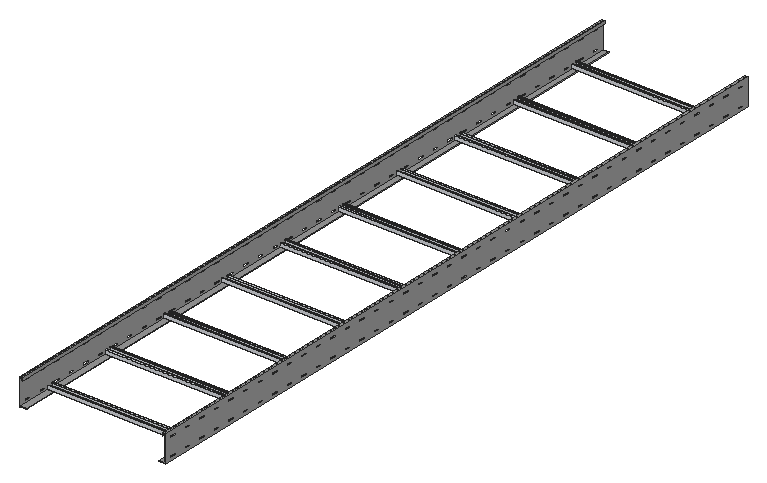
Revit family "Kabelleiter SLCS 1160 3 FTSO", category Generic Models, Revit 2017
Family settings
  Can host rebar = No
  Round Connector Dimension = Use Diameter
  Part Type = Normal
  Work Plane-Based = No
  Always vertical = Yes
  Cut with Voids When Loaded = No
  Shared = No
  Room Calculation Point = No
Parameters (values of type "SLCS 1160 3 FTSO")
  Width = 600 mm
  URL = "http://www.obo-bettermann.com"
  Material = Hot dip galvanised
  Manufacturer Art.No. = "7186408"
  Manufacturer = "OBO BETTERMANN"
  GTIN = "4012196696932"
  Cut's number 3 = 39
  Cut's number 2 = 10
  Cut's number = 2
  Article Type = "SLCS 1160 3 FTSO"
Reference planes
  plane 1 "Center (Front/Back)": y = 0
  plane 2: z = 0
  plane 3 "Center (Left/Right)": x = 0
  plane 4: x = 600
  plane 5: x = 600
  plane 6: z = 110
  plane 7: x = 600
  plane 8: y = 3000
  plane 9: y = 150
  plane 10: y = 135
  plane 11: y = 165
  plane 12: z = 6
  plane 13: y = 143.8
  plane 14: y = 156.2
  plane 15: x = 4
  plane 16: x = 596
  plane 17: y = 149.525
  plane 18: y = 144.125
  plane 19: y = 154.925
  plane 20: y = 138.525
  plane 21: y = 160.957
  plane 22: x = 15
  plane 23: x = 20.4
  plane 24: x = 9.6
  plane 25: x = 585
  plane 26: x = 579.6
  plane 27: x = 590.4
  plane 28: z = 14
  plane 29: y = 37.5
  plane 30: z = 89
  plane 31: y = 37.5
  plane 32: z = 14
  plane 33: y = 112.5
  plane 34: z = 89
  plane 35: y = 112.5
  plane 36: z = 14
  plane 37: y = 187.5
  plane 38: z = 89
  plane 39: y = 187.5
  plane 40: z = 14
  plane 41: y = 262.5
  plane 42: z = 89
  plane 43: y = 262.5
  plane 44: z = 14
  plane 45: y = 337.5
  plane 46: z = 89
  plane 47: y = 337.5
  plane 48: z = 14
  plane 49: y = 412.5
  plane 50: z = 89
  plane 51: y = 412.5
  plane 52: z = 14
  plane 53: y = 487.5
  plane 54: z = 89
  plane 55: y = 487.5
  plane 56: z = 14
  plane 57: y = 562.5
  plane 58: z = 89
  plane 59: y = 562.5
  plane 60: z = 14
  plane 61: y = 637.5
  plane 62: z = 89
  plane 63: y = 637.5
  plane 64: z = 14
  plane 65: y = 712.5
  plane 66: z = 89
  plane 67: y = 712.5
  plane 68: z = 14
  plane 69: y = 787.5
  plane 70: z = 89
  plane 71: y = 787.5
  plane 72: z = 14
  plane 73: y = 862.5
  plane 74: z = 89
  plane 75: y = 862.5
  plane 76: z = 14
  plane 77: y = 937.5
  plane 78: z = 89
  plane 79: y = 937.5
  plane 80: z = 14
  plane 81: y = 1012.5
  plane 82: z = 89
  plane 83: y = 1012.5
  plane 84: z = 14
  plane 85: y = 1087.5
  plane 86: z = 89
  plane 87: y = 1087.5
  plane 88: z = 14
  plane 89: y = 1162.5
  plane 90: z = 89
  plane 91: y = 1162.5
  plane 92: z = 14
  plane 93: y = 1237.5
  plane 94: z = 89
  plane 95: y = 1237.5
  plane 96: z = 14
  plane 97: y = 1312.5
  plane 98: z = 89
  plane 99: y = 1312.5
  plane 100: z = 14
  plane 101: y = 1387.5
  plane 102: z = 89
  plane 103: y = 1387.5
  plane 104: z = 14
  plane 105: y = 1462.5
  plane 106: z = 89
  plane 107: y = 1462.5
  plane 108: z = 14
  plane 109: y = 1537.5
  plane 110: z = 89
  plane 111: y = 1537.5
  plane 112: z = 14
  plane 113: y = 1612.5
  plane 114: z = 89
  plane 115: y = 1612.5
  plane 116: z = 14
  plane 117: y = 1687.5
  plane 118: z = 89
  plane 119: y = 1687.5
  plane 120: z = 14
  plane 121: y = 1762.5
  plane 122: z = 89
  plane 123: y = 1762.5
  plane 124: z = 14
  plane 125: y = 1837.5
  plane 126: z = 89
  plane 127: y = 1837.5
  plane 128: z = 14
  plane 129: y = 1912.5
  plane 130: z = 89
  plane 131: y = 1912.5
  plane 132: z = 14
  plane 133: y = 1987.5
  plane 134: z = 89
  plane 135: y = 1987.5
  plane 136: z = 14
  plane 137: y = 2062.5
  plane 138: z = 89
  plane 139: y = 2062.5
  plane 140: z = 14
  plane 141: y = 2137.5
  plane 142: z = 89
  plane 143: y = 2137.5
  plane 144: z = 14
  plane 145: y = 2212.5
  plane 146: z = 89
  plane 147: y = 2212.5
  plane 148: z = 14
  plane 149: y = 2287.5
  plane 150: z = 89
  plane 151: y = 2287.5
  plane 152: z = 14
  plane 153: y = 2362.5
  plane 154: z = 89
  plane 155: y = 2362.5
  plane 156: z = 14
  plane 157: y = 2437.5
  plane 158: z = 89
  plane 159: y = 2437.5
  plane 160: z = 14
  plane 161: y = 2512.5
  plane 162: z = 89
  plane 163: y = 2512.5
  plane 164: z = 14
  plane 165: y = 2587.5
  plane 166: z = 89
  plane 167: y = 2587.5
  plane 168: z = 14
  plane 169: y = 2662.5
  plane 170: z = 89
  plane 171: y = 2662.5
  plane 172: z = 14
  plane 173: y = 2737.5
  plane 174: z = 89
  plane 175: y = 2737.5
  plane 176: z = 14
  plane 177: y = 2812.5
  plane 178: z = 89
  plane 179: y = 2812.5
  plane 180: z = 14
  plane 181: y = 2887.5
  plane 182: z = 89
  plane 183: y = 2887.5
  plane 184: z = 14
  plane 185: y = 2962.5
  plane 186: z = 89
  plane 187: y = 2962.5
  plane 188: z = 14
  plane 189: y = 37.5
  plane 190: z = 89
  plane 191: y = 37.5
  plane 192: z = 14
  plane 193: y = 112.5
  plane 194: z = 89
  plane 195: y = 112.5
  plane 196: z = 14
  plane 197: y = 187.5
  plane 198: z = 89
  plane 199: y = 187.5
  plane 200: z = 14
  plane 201: y = 262.5
  plane 202: z = 89
  plane 203: y = 262.5
  plane 204: z = 14
  plane 205: y = 337.5
  plane 206: z = 89
  plane 207: y = 337.5
  plane 208: z = 14
  plane 209: y = 412.5
  plane 210: z = 89
  plane 211: y = 412.5
  plane 212: z = 14
  plane 213: y = 487.5
  plane 214: z = 89
  plane 215: y = 487.5
  plane 216: z = 14
  plane 217: y = 562.5
  plane 218: z = 89
  plane 219: y = 562.5
  plane 220: z = 14
  plane 221: y = 637.5
  plane 222: z = 89
  plane 223: y = 637.5
  plane 224: z = 14
  plane 225: y = 712.5
  plane 226: z = 89
  plane 227: y = 712.5
  plane 228: z = 14
  plane 229: y = 787.5
  plane 230: z = 89
  plane 231: y = 787.5
  plane 232: z = 14
  plane 233: y = 862.5
  plane 234: z = 89
  plane 235: y = 862.5
  plane 236: z = 14
  plane 237: y = 937.5
  plane 238: z = 89
  plane 239: y = 937.5
  plane 240: z = 14
  plane 241: y = 1012.5
  plane 242: z = 89
  plane 243: y = 1012.5
  plane 244: z = 14
  plane 245: y = 1087.5
  plane 246: z = 89
  plane 247: y = 1087.5
  plane 248: z = 14
  plane 249: y = 1162.5
  plane 250: z = 89
  plane 251: y = 1162.5
  plane 252: z = 14
  plane 253: y = 1237.5
  plane 254: z = 89
  plane 255: y = 1237.5
  plane 256: z = 14
  plane 257: y = 1312.5
  plane 258: z = 89
  plane 259: y = 1312.5
  plane 260: z = 14
  plane 261: y = 1387.5
  plane 262: z = 89
  plane 263: y = 1387.5
  plane 264: z = 14
  plane 265: y = 1462.5
  plane 266: z = 89
  plane 267: y = 1462.5
  plane 268: z = 14
  plane 269: y = 1537.5
  plane 270: z = 89
  plane 271: y = 1537.5
  plane 272: z = 14
  plane 273: y = 1612.5
  plane 274: z = 89
  plane 275: y = 1612.5
  plane 276: z = 14
  plane 277: y = 1687.5
  plane 278: z = 89
  plane 279: y = 1687.5
  plane 280: z = 14
  plane 281: y = 1762.5
  plane 282: z = 89
  plane 283: y = 1762.5
  plane 284: z = 14
  plane 285: y = 1837.5
  plane 286: z = 89
  plane 287: y = 1837.5
  plane 288: z = 14
  plane 289: y = 1912.5
  plane 290: z = 89
  plane 291: y = 1912.5
  plane 292: z = 14
  plane 293: y = 1987.5
  plane 294: z = 89
  plane 295: y = 1987.5
  plane 296: z = 14
  plane 297: y = 2062.5
  plane 298: z = 89
  plane 299: y = 2062.5
  plane 300: z = 14
  plane 301: y = 2137.5
  plane 302: z = 89
  plane 303: y = 2137.5
  plane 304: z = 14
  plane 305: y = 2212.5
  plane 306: z = 89
  plane 307: y = 2212.5
  plane 308: z = 14
  plane 309: y = 2287.5
  plane 310: z = 89
  plane 311: y = 2287.5
  plane 312: z = 14
  plane 313: y = 2362.5
  plane 314: z = 89
  plane 315: y = 2362.5
  plane 316: z = 14
  plane 317: y = 2437.5
  plane 318: z = 89
  plane 319: y = 2437.5
  plane 320: z = 14
  plane 321: y = 2512.5
  plane 322: z = 89
  plane 323: y = 2512.5
  plane 324: z = 14
  plane 325: y = 2587.5
  plane 326: z = 89
  plane 327: y = 2587.5
  plane 328: z = 14
  plane 329: y = 2662.5
  plane 330: z = 89
  plane 331: y = 2662.5
  plane 332: z = 14
  plane 333: y = 2737.5
  plane 334: z = 89
  plane 335: y = 2737.5
  plane 336: z = 14
  plane 337: y = 2812.5
  plane 338: z = 89
  plane 339: y = 2812.5
  plane 340: z = 14
  plane 341: y = 2887.5
  plane 342: z = 89
  plane 343: y = 2887.5
  plane 344: z = 14
  plane 345: y = 2962.5
  plane 346: z = 89
  plane 347: y = 2962.5
  plane 348: y = 450
  plane 349: y = 435
  plane 350: y = 465
  plane 351: z = 6
  plane 352: y = 443.8
  plane 353: y = 456.2
  plane 354: y = 750
  plane 355: y = 735
  plane 356: y = 765
  plane 357: z = 6
  plane 358: y = 743.8
  plane 359: y = 756.2
  plane 360: y = 1050
  plane 361: y = 1035
  plane 362: y = 1065
  plane 363: z = 6
  plane 364: y = 1043.8
  plane 365: y = 1056.2
  plane 366: y = 1350
  plane 367: y = 1335
  plane 368: y = 1365
  plane 369: z = 6
  plane 370: y = 1343.8
  plane 371: y = 1356.2
  plane 372: y = 1650
  plane 373: y = 1635
  plane 374: y = 1665
  plane 375: z = 6
  plane 376: y = 1643.8
  plane 377: y = 1656.2
  plane 378: y = 1950
  plane 379: y = 1935
  plane 380: y = 1965
  plane 381: z = 6
  plane 382: y = 1943.8
  plane 383: y = 1956.2
  plane 384: y = 2250
  plane 385: y = 2235
  plane 386: y = 2265
  plane 387: z = 6
  plane 388: y = 2243.8
  plane 389: y = 2256.2
  plane 390: y = 2550
  plane 391: y = 2535
  plane 392: y = 2565
  plane 393: z = 6
  plane 394: y = 2543.8
  plane 395: y = 2556.2
  plane 396: y = 2850
  plane 397: y = 2835
  plane 398: y = 2865
  plane 399: z = 6
  plane 400: y = 2843.8
  plane 401: y = 2856.2
Forms (mm)
  Extrusion 1, solid, material "Hot dip galvanised" <- "Material"
    sketch origin (0, 0, 0) x (1, 0, 0) y (0, 0, 1)
      loop
        line (0, 110) -> (0, 0) -> (27, 0) -> (27, 2) -> (2, 2) -> (2, 108) -> (10.041, 108) -> (10.041, 101) -> (12, 101) -> (12, 110) -> (0, 110)
      loop
        line (600, 110) -> (588, 110) -> (588, 101) -> (589.963, 101) -> (589.963, 108) -> (598, 108) -> (598, 2) -> (573, 2) -> (573, 0) -> (600, 0) -> (600, 110)
    from 0 to -3000
  Extrusion 2, solid
    sketch origin (0, 0, 0) x (0, 1, 0) y (0, 0, 1)
      loop
        line (135, 6) -> (165, 6) -> (165, 17) -> (165, 21) -> (158.5, 21) -> (158.5, 19) -> (163, 19) -> (163, 8) -> (137, 8) -> (137, 19) -> (141.5, 19) -> (141.5, 21) -> (135, 21) -> (135, 6)
    from 4 to 596
  Extrusion 3, solid
    sketch origin (0, 0, 0) x (0, 1, 0) y (0, 0, 1)
      loop
        line (138.525, 6) -> (144.125, 2) -> (154.925, 2) -> (160.957, 6) -> (157.338, 6) -> (154.322, 4) -> (144.766, 4) -> (141.966, 6) -> (138.525, 6)
    from 9.6 to 20.4
  Extrusion 4, solid
    sketch origin (0, 0, 0) x (0, 1, 0) y (0, 0, 1)
      loop
        line (160.957, 6) -> (157.338, 6) -> (154.322, 4) -> (144.766, 4) -> (141.966, 6) -> (138.525, 6) -> (144.125, 2) -> (154.925, 2) -> (160.957, 6)
    from 579.6 to 590.4
  Extrusion 5, void
    sketch origin (0, 0, 0) x (0, 1, 0) y (0, 0, 1)
      loop
        line (23.5, 18.5) -> (23.5, 9.5) -> (51.5, 9.5) -> (51.5, 18.5) -> (23.5, 18.5)
    from 0 to 2
  Extrusion 6, void
    sketch origin (0, 0, 75) x (0, 1, 0) y (0, 0, 1)
      loop
        line (23.5, 18.5) -> (23.5, 9.5) -> (51.5, 9.5) -> (51.5, 18.5) -> (23.5, 18.5)
    from 0 to 2
  Extrusion 7, void
    sketch origin (0, 75, 0) x (0, 1, 0) y (0, 0, 1)
      loop
        line (23.5, 18.5) -> (23.5, 9.5) -> (51.5, 9.5) -> (51.5, 18.5) -> (23.5, 18.5)
    from 0 to 2
  Extrusion 8, void
    sketch origin (0, 75, 75) x (0, 1, 0) y (0, 0, 1)
      loop
        line (23.5, 18.5) -> (23.5, 9.5) -> (51.5, 9.5) -> (51.5, 18.5) -> (23.5, 18.5)
    from 0 to 2
  Extrusion 9, void
    sketch origin (0, 150, 0) x (0, 1, 0) y (0, 0, 1)
      loop
        line (23.5, 18.5) -> (23.5, 9.5) -> (51.5, 9.5) -> (51.5, 18.5) -> (23.5, 18.5)
    from 0 to 2
  Extrusion 10, void
    sketch origin (0, 150, 75) x (0, 1, 0) y (0, 0, 1)
      loop
        line (23.5, 18.5) -> (23.5, 9.5) -> (51.5, 9.5) -> (51.5, 18.5) -> (23.5, 18.5)
    from 0 to 2
  Extrusion 11, void
    sketch origin (0, 225, 0) x (0, 1, 0) y (0, 0, 1)
      loop
        line (23.5, 18.5) -> (23.5, 9.5) -> (51.5, 9.5) -> (51.5, 18.5) -> (23.5, 18.5)
    from 0 to 2
  Extrusion 12, void
    sketch origin (0, 225, 75) x (0, 1, 0) y (0, 0, 1)
      loop
        line (23.5, 18.5) -> (23.5, 9.5) -> (51.5, 9.5) -> (51.5, 18.5) -> (23.5, 18.5)
    from 0 to 2
  Extrusion 13, void
    sketch origin (0, 300, 0) x (0, 1, 0) y (0, 0, 1)
      loop
        line (23.5, 18.5) -> (23.5, 9.5) -> (51.5, 9.5) -> (51.5, 18.5) -> (23.5, 18.5)
    from 0 to 2
  Extrusion 14, void
    sketch origin (0, 300, 75) x (0, 1, 0) y (0, 0, 1)
      loop
        line (23.5, 18.5) -> (23.5, 9.5) -> (51.5, 9.5) -> (51.5, 18.5) -> (23.5, 18.5)
    from 0 to 2
  Extrusion 15, void
    sketch origin (0, 375, 0) x (0, 1, 0) y (0, 0, 1)
      loop
        line (23.5, 18.5) -> (23.5, 9.5) -> (51.5, 9.5) -> (51.5, 18.5) -> (23.5, 18.5)
    from 0 to 2
  Extrusion 16, void
    sketch origin (0, 375, 75) x (0, 1, 0) y (0, 0, 1)
      loop
        line (23.5, 18.5) -> (23.5, 9.5) -> (51.5, 9.5) -> (51.5, 18.5) -> (23.5, 18.5)
    from 0 to 2
  Extrusion 17, void
    sketch origin (0, 450, 0) x (0, 1, 0) y (0, 0, 1)
      loop
        line (23.5, 18.5) -> (23.5, 9.5) -> (51.5, 9.5) -> (51.5, 18.5) -> (23.5, 18.5)
    from 0 to 2
  Extrusion 18, void
    sketch origin (0, 450, 75) x (0, 1, 0) y (0, 0, 1)
      loop
        line (23.5, 18.5) -> (23.5, 9.5) -> (51.5, 9.5) -> (51.5, 18.5) -> (23.5, 18.5)
    from 0 to 2
  Extrusion 19, void
    sketch origin (0, 525, 0) x (0, 1, 0) y (0, 0, 1)
      loop
        line (23.5, 18.5) -> (23.5, 9.5) -> (51.5, 9.5) -> (51.5, 18.5) -> (23.5, 18.5)
    from 0 to 2
  Extrusion 20, void
    sketch origin (0, 525, 75) x (0, 1, 0) y (0, 0, 1)
      loop
        line (23.5, 18.5) -> (23.5, 9.5) -> (51.5, 9.5) -> (51.5, 18.5) -> (23.5, 18.5)
    from 0 to 2
  Extrusion 21, void
    sketch origin (0, 600, 0) x (0, 1, 0) y (0, 0, 1)
      loop
        line (23.5, 18.5) -> (23.5, 9.5) -> (51.5, 9.5) -> (51.5, 18.5) -> (23.5, 18.5)
    from 0 to 2
  Extrusion 22, void
    sketch origin (0, 600, 75) x (0, 1, 0) y (0, 0, 1)
      loop
        line (23.5, 18.5) -> (23.5, 9.5) -> (51.5, 9.5) -> (51.5, 18.5) -> (23.5, 18.5)
    from 0 to 2
  Extrusion 23, void
    sketch origin (0, 675, 0) x (0, 1, 0) y (0, 0, 1)
      loop
        line (23.5, 18.5) -> (23.5, 9.5) -> (51.5, 9.5) -> (51.5, 18.5) -> (23.5, 18.5)
    from 0 to 2
  Extrusion 24, void
    sketch origin (0, 675, 75) x (0, 1, 0) y (0, 0, 1)
      loop
        line (23.5, 18.5) -> (23.5, 9.5) -> (51.5, 9.5) -> (51.5, 18.5) -> (23.5, 18.5)
    from 0 to 2
  Extrusion 25, void
    sketch origin (0, 750, 0) x (0, 1, 0) y (0, 0, 1)
      loop
        line (23.5, 18.5) -> (23.5, 9.5) -> (51.5, 9.5) -> (51.5, 18.5) -> (23.5, 18.5)
    from 0 to 2
  Extrusion 26, void
    sketch origin (0, 750, 75) x (0, 1, 0) y (0, 0, 1)
      loop
        line (23.5, 18.5) -> (23.5, 9.5) -> (51.5, 9.5) -> (51.5, 18.5) -> (23.5, 18.5)
    from 0 to 2
  Extrusion 27, void
    sketch origin (0, 825, 0) x (0, 1, 0) y (0, 0, 1)
      loop
        line (23.5, 18.5) -> (23.5, 9.5) -> (51.5, 9.5) -> (51.5, 18.5) -> (23.5, 18.5)
    from 0 to 2
  Extrusion 28, void
    sketch origin (0, 825, 75) x (0, 1, 0) y (0, 0, 1)
      loop
        line (23.5, 18.5) -> (23.5, 9.5) -> (51.5, 9.5) -> (51.5, 18.5) -> (23.5, 18.5)
    from 0 to 2
  Extrusion 29, void
    sketch origin (0, 900, 0) x (0, 1, 0) y (0, 0, 1)
      loop
        line (23.5, 18.5) -> (23.5, 9.5) -> (51.5, 9.5) -> (51.5, 18.5) -> (23.5, 18.5)
    from 0 to 2
  Extrusion 30, void
    sketch origin (0, 900, 75) x (0, 1, 0) y (0, 0, 1)
      loop
        line (23.5, 18.5) -> (23.5, 9.5) -> (51.5, 9.5) -> (51.5, 18.5) -> (23.5, 18.5)
    from 0 to 2
  Extrusion 31, void
    sketch origin (0, 975, 0) x (0, 1, 0) y (0, 0, 1)
      loop
        line (23.5, 18.5) -> (23.5, 9.5) -> (51.5, 9.5) -> (51.5, 18.5) -> (23.5, 18.5)
    from 0 to 2
  Extrusion 32, void
    sketch origin (0, 975, 75) x (0, 1, 0) y (0, 0, 1)
      loop
        line (23.5, 18.5) -> (23.5, 9.5) -> (51.5, 9.5) -> (51.5, 18.5) -> (23.5, 18.5)
    from 0 to 2
  Extrusion 33, void
    sketch origin (0, 1050, 0) x (0, 1, 0) y (0, 0, 1)
      loop
        line (23.5, 18.5) -> (23.5, 9.5) -> (51.5, 9.5) -> (51.5, 18.5) -> (23.5, 18.5)
    from 0 to 2
  Extrusion 34, void
    sketch origin (0, 1050, 75) x (0, 1, 0) y (0, 0, 1)
      loop
        line (23.5, 18.5) -> (23.5, 9.5) -> (51.5, 9.5) -> (51.5, 18.5) -> (23.5, 18.5)
    from 0 to 2
  Extrusion 35, void
    sketch origin (0, 1125, 0) x (0, 1, 0) y (0, 0, 1)
      loop
        line (23.5, 18.5) -> (23.5, 9.5) -> (51.5, 9.5) -> (51.5, 18.5) -> (23.5, 18.5)
    from 0 to 2
  Extrusion 36, void
    sketch origin (0, 1125, 75) x (0, 1, 0) y (0, 0, 1)
      loop
        line (23.5, 18.5) -> (23.5, 9.5) -> (51.5, 9.5) -> (51.5, 18.5) -> (23.5, 18.5)
    from 0 to 2
  Extrusion 37, void
    sketch origin (0, 1200, 0) x (0, 1, 0) y (0, 0, 1)
      loop
        line (23.5, 18.5) -> (23.5, 9.5) -> (51.5, 9.5) -> (51.5, 18.5) -> (23.5, 18.5)
    from 0 to 2
  Extrusion 38, void
    sketch origin (0, 1200, 75) x (0, 1, 0) y (0, 0, 1)
      loop
        line (23.5, 18.5) -> (23.5, 9.5) -> (51.5, 9.5) -> (51.5, 18.5) -> (23.5, 18.5)
    from 0 to 2
  Extrusion 39, void
    sketch origin (0, 1275, 0) x (0, 1, 0) y (0, 0, 1)
      loop
        line (23.5, 18.5) -> (23.5, 9.5) -> (51.5, 9.5) -> (51.5, 18.5) -> (23.5, 18.5)
    from 0 to 2
  Extrusion 40, void
    sketch origin (0, 1275, 75) x (0, 1, 0) y (0, 0, 1)
      loop
        line (23.5, 18.5) -> (23.5, 9.5) -> (51.5, 9.5) -> (51.5, 18.5) -> (23.5, 18.5)
    from 0 to 2
  Extrusion 41, void
    sketch origin (0, 1350, 0) x (0, 1, 0) y (0, 0, 1)
      loop
        line (23.5, 18.5) -> (23.5, 9.5) -> (51.5, 9.5) -> (51.5, 18.5) -> (23.5, 18.5)
    from 0 to 2
  Extrusion 42, void
    sketch origin (0, 1350, 75) x (0, 1, 0) y (0, 0, 1)
      loop
        line (23.5, 18.5) -> (23.5, 9.5) -> (51.5, 9.5) -> (51.5, 18.5) -> (23.5, 18.5)
    from 0 to 2
  Extrusion 43, void
    sketch origin (0, 1425, 0) x (0, 1, 0) y (0, 0, 1)
      loop
        line (23.5, 18.5) -> (23.5, 9.5) -> (51.5, 9.5) -> (51.5, 18.5) -> (23.5, 18.5)
    from 0 to 2
  Extrusion 44, void
    sketch origin (0, 1425, 75) x (0, 1, 0) y (0, 0, 1)
      loop
        line (23.5, 18.5) -> (23.5, 9.5) -> (51.5, 9.5) -> (51.5, 18.5) -> (23.5, 18.5)
    from 0 to 2
  Extrusion 45, void
    sketch origin (0, 1500, 0) x (0, 1, 0) y (0, 0, 1)
      loop
        line (23.5, 18.5) -> (23.5, 9.5) -> (51.5, 9.5) -> (51.5, 18.5) -> (23.5, 18.5)
    from 0 to 2
  Extrusion 46, void
    sketch origin (0, 1500, 75) x (0, 1, 0) y (0, 0, 1)
      loop
        line (23.5, 18.5) -> (23.5, 9.5) -> (51.5, 9.5) -> (51.5, 18.5) -> (23.5, 18.5)
    from 0 to 2
  Extrusion 47, void
    sketch origin (0, 1575, 0) x (0, 1, 0) y (0, 0, 1)
      loop
        line (23.5, 18.5) -> (23.5, 9.5) -> (51.5, 9.5) -> (51.5, 18.5) -> (23.5, 18.5)
    from 0 to 2
  Extrusion 48, void
    sketch origin (0, 1575, 75) x (0, 1, 0) y (0, 0, 1)
      loop
        line (23.5, 18.5) -> (23.5, 9.5) -> (51.5, 9.5) -> (51.5, 18.5) -> (23.5, 18.5)
    from 0 to 2
  Extrusion 49, void
    sketch origin (0, 1650, 0) x (0, 1, 0) y (0, 0, 1)
      loop
        line (23.5, 18.5) -> (23.5, 9.5) -> (51.5, 9.5) -> (51.5, 18.5) -> (23.5, 18.5)
    from 0 to 2
  Extrusion 50, void
    sketch origin (0, 1650, 75) x (0, 1, 0) y (0, 0, 1)
      loop
        line (23.5, 18.5) -> (23.5, 9.5) -> (51.5, 9.5) -> (51.5, 18.5) -> (23.5, 18.5)
    from 0 to 2
  Extrusion 51, void
    sketch origin (0, 1725, 0) x (0, 1, 0) y (0, 0, 1)
      loop
        line (23.5, 18.5) -> (23.5, 9.5) -> (51.5, 9.5) -> (51.5, 18.5) -> (23.5, 18.5)
    from 0 to 2
  Extrusion 52, void
    sketch origin (0, 1725, 75) x (0, 1, 0) y (0, 0, 1)
      loop
        line (23.5, 18.5) -> (23.5, 9.5) -> (51.5, 9.5) -> (51.5, 18.5) -> (23.5, 18.5)
    from 0 to 2
  Extrusion 53, void
    sketch origin (0, 1800, 0) x (0, 1, 0) y (0, 0, 1)
      loop
        line (23.5, 18.5) -> (23.5, 9.5) -> (51.5, 9.5) -> (51.5, 18.5) -> (23.5, 18.5)
    from 0 to 2
  Extrusion 54, void
    sketch origin (0, 1800, 75) x (0, 1, 0) y (0, 0, 1)
      loop
        line (23.5, 18.5) -> (23.5, 9.5) -> (51.5, 9.5) -> (51.5, 18.5) -> (23.5, 18.5)
    from 0 to 2
  Extrusion 55, void
    sketch origin (0, 1875, 0) x (0, 1, 0) y (0, 0, 1)
      loop
        line (23.5, 18.5) -> (23.5, 9.5) -> (51.5, 9.5) -> (51.5, 18.5) -> (23.5, 18.5)
    from 0 to 2
  Extrusion 56, void
    sketch origin (0, 1875, 75) x (0, 1, 0) y (0, 0, 1)
      loop
        line (23.5, 18.5) -> (23.5, 9.5) -> (51.5, 9.5) -> (51.5, 18.5) -> (23.5, 18.5)
    from 0 to 2
  Extrusion 57, void
    sketch origin (0, 1950, 0) x (0, 1, 0) y (0, 0, 1)
      loop
        line (23.5, 18.5) -> (23.5, 9.5) -> (51.5, 9.5) -> (51.5, 18.5) -> (23.5, 18.5)
    from 0 to 2
  Extrusion 58, void
    sketch origin (0, 1950, 75) x (0, 1, 0) y (0, 0, 1)
      loop
        line (23.5, 18.5) -> (23.5, 9.5) -> (51.5, 9.5) -> (51.5, 18.5) -> (23.5, 18.5)
    from 0 to 2
  Extrusion 59, void
    sketch origin (0, 2025, 0) x (0, 1, 0) y (0, 0, 1)
      loop
        line (23.5, 18.5) -> (23.5, 9.5) -> (51.5, 9.5) -> (51.5, 18.5) -> (23.5, 18.5)
    from 0 to 2
  Extrusion 60, void
    sketch origin (0, 2025, 75) x (0, 1, 0) y (0, 0, 1)
      loop
        line (23.5, 18.5) -> (23.5, 9.5) -> (51.5, 9.5) -> (51.5, 18.5) -> (23.5, 18.5)
    from 0 to 2
  Extrusion 61, void
    sketch origin (0, 2100, 0) x (0, 1, 0) y (0, 0, 1)
      loop
        line (23.5, 18.5) -> (23.5, 9.5) -> (51.5, 9.5) -> (51.5, 18.5) -> (23.5, 18.5)
    from 0 to 2
  Extrusion 62, void
    sketch origin (0, 2100, 75) x (0, 1, 0) y (0, 0, 1)
      loop
        line (23.5, 18.5) -> (23.5, 9.5) -> (51.5, 9.5) -> (51.5, 18.5) -> (23.5, 18.5)
    from 0 to 2
  Extrusion 63, void
    sketch origin (0, 2175, 0) x (0, 1, 0) y (0, 0, 1)
      loop
        line (23.5, 18.5) -> (23.5, 9.5) -> (51.5, 9.5) -> (51.5, 18.5) -> (23.5, 18.5)
    from 0 to 2
  Extrusion 64, void
    sketch origin (0, 2175, 75) x (0, 1, 0) y (0, 0, 1)
      loop
        line (23.5, 18.5) -> (23.5, 9.5) -> (51.5, 9.5) -> (51.5, 18.5) -> (23.5, 18.5)
    from 0 to 2
  Extrusion 65, void
    sketch origin (0, 2250, 0) x (0, 1, 0) y (0, 0, 1)
      loop
        line (23.5, 18.5) -> (23.5, 9.5) -> (51.5, 9.5) -> (51.5, 18.5) -> (23.5, 18.5)
    from 0 to 2
  Extrusion 66, void
    sketch origin (0, 2250, 75) x (0, 1, 0) y (0, 0, 1)
      loop
        line (23.5, 18.5) -> (23.5, 9.5) -> (51.5, 9.5) -> (51.5, 18.5) -> (23.5, 18.5)
    from 0 to 2
  Extrusion 67, void
    sketch origin (0, 2325, 0) x (0, 1, 0) y (0, 0, 1)
      loop
        line (23.5, 18.5) -> (23.5, 9.5) -> (51.5, 9.5) -> (51.5, 18.5) -> (23.5, 18.5)
    from 0 to 2
  Extrusion 68, void
    sketch origin (0, 2325, 75) x (0, 1, 0) y (0, 0, 1)
      loop
        line (23.5, 18.5) -> (23.5, 9.5) -> (51.5, 9.5) -> (51.5, 18.5) -> (23.5, 18.5)
    from 0 to 2
  Extrusion 69, void
    sketch origin (0, 2400, 0) x (0, 1, 0) y (0, 0, 1)
      loop
        line (23.5, 18.5) -> (23.5, 9.5) -> (51.5, 9.5) -> (51.5, 18.5) -> (23.5, 18.5)
    from 0 to 2
  Extrusion 70, void
    sketch origin (0, 2400, 75) x (0, 1, 0) y (0, 0, 1)
      loop
        line (23.5, 18.5) -> (23.5, 9.5) -> (51.5, 9.5) -> (51.5, 18.5) -> (23.5, 18.5)
    from 0 to 2
  Extrusion 71, void
    sketch origin (0, 2475, 0) x (0, 1, 0) y (0, 0, 1)
      loop
        line (23.5, 18.5) -> (23.5, 9.5) -> (51.5, 9.5) -> (51.5, 18.5) -> (23.5, 18.5)
    from 0 to 2
  Extrusion 72, void
    sketch origin (0, 2475, 75) x (0, 1, 0) y (0, 0, 1)
      loop
        line (23.5, 18.5) -> (23.5, 9.5) -> (51.5, 9.5) -> (51.5, 18.5) -> (23.5, 18.5)
    from 0 to 2
  Extrusion 73, void
    sketch origin (0, 2550, 0) x (0, 1, 0) y (0, 0, 1)
      loop
        line (23.5, 18.5) -> (23.5, 9.5) -> (51.5, 9.5) -> (51.5, 18.5) -> (23.5, 18.5)
    from 0 to 2
  Extrusion 74, void
    sketch origin (0, 2550, 75) x (0, 1, 0) y (0, 0, 1)
      loop
        line (23.5, 18.5) -> (23.5, 9.5) -> (51.5, 9.5) -> (51.5, 18.5) -> (23.5, 18.5)
    from 0 to 2
  Extrusion 75, void
    sketch origin (0, 2625, 0) x (0, 1, 0) y (0, 0, 1)
      loop
        line (23.5, 18.5) -> (23.5, 9.5) -> (51.5, 9.5) -> (51.5, 18.5) -> (23.5, 18.5)
    from 0 to 2
  Extrusion 76, void
    sketch origin (0, 2625, 75) x (0, 1, 0) y (0, 0, 1)
      loop
        line (23.5, 18.5) -> (23.5, 9.5) -> (51.5, 9.5) -> (51.5, 18.5) -> (23.5, 18.5)
    from 0 to 2
  Extrusion 77, void
    sketch origin (0, 2700, 0) x (0, 1, 0) y (0, 0, 1)
      loop
        line (23.5, 18.5) -> (23.5, 9.5) -> (51.5, 9.5) -> (51.5, 18.5) -> (23.5, 18.5)
    from 0 to 2
  Extrusion 78, void
    sketch origin (0, 2700, 75) x (0, 1, 0) y (0, 0, 1)
      loop
        line (23.5, 18.5) -> (23.5, 9.5) -> (51.5, 9.5) -> (51.5, 18.5) -> (23.5, 18.5)
    from 0 to 2
  Extrusion 79, void
    sketch origin (0, 2775, 0) x (0, 1, 0) y (0, 0, 1)
      loop
        line (23.5, 18.5) -> (23.5, 9.5) -> (51.5, 9.5) -> (51.5, 18.5) -> (23.5, 18.5)
    from 0 to 2
  Extrusion 80, void
    sketch origin (0, 2775, 75) x (0, 1, 0) y (0, 0, 1)
      loop
        line (23.5, 18.5) -> (23.5, 9.5) -> (51.5, 9.5) -> (51.5, 18.5) -> (23.5, 18.5)
    from 0 to 2
  Extrusion 81, void
    sketch origin (0, 2850, 0) x (0, 1, 0) y (0, 0, 1)
      loop
        line (23.5, 18.5) -> (23.5, 9.5) -> (51.5, 9.5) -> (51.5, 18.5) -> (23.5, 18.5)
    from 0 to 2
  Extrusion 82, void
    sketch origin (0, 2850, 75) x (0, 1, 0) y (0, 0, 1)
      loop
        line (23.5, 18.5) -> (23.5, 9.5) -> (51.5, 9.5) -> (51.5, 18.5) -> (23.5, 18.5)
    from 0 to 2
  Extrusion 83, void
    sketch origin (0, 2925, 0) x (0, 1, 0) y (0, 0, 1)
      loop
        line (23.5, 18.5) -> (23.5, 9.5) -> (51.5, 9.5) -> (51.5, 18.5) -> (23.5, 18.5)
    from 0 to 2
  Extrusion 84, void
    sketch origin (0, 2925, 75) x (0, 1, 0) y (0, 0, 1)
      loop
        line (23.5, 18.5) -> (23.5, 9.5) -> (51.5, 9.5) -> (51.5, 18.5) -> (23.5, 18.5)
    from 0 to 2
  Extrusion 85, void
    sketch origin (0, 0, 0) x (0, 1, 0) y (0, 0, 1)
      loop
        line (23.5, 18.019) -> (23.5, 10) -> (51.5, 10) -> (51.5, 18.019) -> (23.5, 18.019)
    from 598 to 600
  Extrusion 86, void
    sketch origin (0, 0, 75) x (0, 1, 0) y (0, 0, 1)
      loop
        line (23.5, 18.019) -> (23.5, 10) -> (51.5, 10) -> (51.5, 18.019) -> (23.5, 18.019)
    from 598 to 600
  Extrusion 87, void
    sketch origin (0, 75, 0) x (0, 1, 0) y (0, 0, 1)
      loop
        line (23.5, 18.019) -> (23.5, 10) -> (51.5, 10) -> (51.5, 18.019) -> (23.5, 18.019)
    from 598 to 600
  Extrusion 88, void
    sketch origin (0, 75, 75) x (0, 1, 0) y (0, 0, 1)
      loop
        line (23.5, 18.019) -> (23.5, 10) -> (51.5, 10) -> (51.5, 18.019) -> (23.5, 18.019)
    from 598 to 600
  Extrusion 89, void
    sketch origin (0, 150, 0) x (0, 1, 0) y (0, 0, 1)
      loop
        line (23.5, 18.019) -> (23.5, 10) -> (51.5, 10) -> (51.5, 18.019) -> (23.5, 18.019)
    from 598 to 600
  Extrusion 90, void
    sketch origin (0, 150, 75) x (0, 1, 0) y (0, 0, 1)
      loop
        line (23.5, 18.019) -> (23.5, 10) -> (51.5, 10) -> (51.5, 18.019) -> (23.5, 18.019)
    from 598 to 600
  Extrusion 91, void
    sketch origin (0, 225, 0) x (0, 1, 0) y (0, 0, 1)
      loop
        line (23.5, 18.019) -> (23.5, 10) -> (51.5, 10) -> (51.5, 18.019) -> (23.5, 18.019)
    from 598 to 600
  Extrusion 92, void
    sketch origin (0, 225, 75) x (0, 1, 0) y (0, 0, 1)
      loop
        line (23.5, 18.019) -> (23.5, 10) -> (51.5, 10) -> (51.5, 18.019) -> (23.5, 18.019)
    from 598 to 600
  Extrusion 93, void
    sketch origin (0, 300, 0) x (0, 1, 0) y (0, 0, 1)
      loop
        line (23.5, 18.019) -> (23.5, 10) -> (51.5, 10) -> (51.5, 18.019) -> (23.5, 18.019)
    from 598 to 600
  Extrusion 94, void
    sketch origin (0, 300, 75) x (0, 1, 0) y (0, 0, 1)
      loop
        line (23.5, 18.019) -> (23.5, 10) -> (51.5, 10) -> (51.5, 18.019) -> (23.5, 18.019)
    from 598 to 600
  Extrusion 95, void
    sketch origin (0, 375, 0) x (0, 1, 0) y (0, 0, 1)
      loop
        line (23.5, 18.019) -> (23.5, 10) -> (51.5, 10) -> (51.5, 18.019) -> (23.5, 18.019)
    from 598 to 600
  Extrusion 96, void
    sketch origin (0, 375, 75) x (0, 1, 0) y (0, 0, 1)
      loop
        line (23.5, 18.019) -> (23.5, 10) -> (51.5, 10) -> (51.5, 18.019) -> (23.5, 18.019)
    from 598 to 600
  Extrusion 97, void
    sketch origin (0, 450, 0) x (0, 1, 0) y (0, 0, 1)
      loop
        line (23.5, 18.019) -> (23.5, 10) -> (51.5, 10) -> (51.5, 18.019) -> (23.5, 18.019)
    from 598 to 600
  Extrusion 98, void
    sketch origin (0, 450, 75) x (0, 1, 0) y (0, 0, 1)
      loop
        line (23.5, 18.019) -> (23.5, 10) -> (51.5, 10) -> (51.5, 18.019) -> (23.5, 18.019)
    from 598 to 600
  Extrusion 99, void
    sketch origin (0, 525, 0) x (0, 1, 0) y (0, 0, 1)
      loop
        line (23.5, 18.019) -> (23.5, 10) -> (51.5, 10) -> (51.5, 18.019) -> (23.5, 18.019)
    from 598 to 600
  Extrusion 100, void
    sketch origin (0, 525, 75) x (0, 1, 0) y (0, 0, 1)
      loop
        line (23.5, 18.019) -> (23.5, 10) -> (51.5, 10) -> (51.5, 18.019) -> (23.5, 18.019)
    from 598 to 600
  Extrusion 101, void
    sketch origin (0, 600, 0) x (0, 1, 0) y (0, 0, 1)
      loop
        line (23.5, 18.019) -> (23.5, 10) -> (51.5, 10) -> (51.5, 18.019) -> (23.5, 18.019)
    from 598 to 600
  Extrusion 102, void
    sketch origin (0, 600, 75) x (0, 1, 0) y (0, 0, 1)
      loop
        line (23.5, 18.019) -> (23.5, 10) -> (51.5, 10) -> (51.5, 18.019) -> (23.5, 18.019)
    from 598 to 600
  Extrusion 103, void
    sketch origin (0, 675, 0) x (0, 1, 0) y (0, 0, 1)
      loop
        line (23.5, 18.019) -> (23.5, 10) -> (51.5, 10) -> (51.5, 18.019) -> (23.5, 18.019)
    from 598 to 600
  Extrusion 104, void
    sketch origin (0, 675, 75) x (0, 1, 0) y (0, 0, 1)
      loop
        line (23.5, 18.019) -> (23.5, 10) -> (51.5, 10) -> (51.5, 18.019) -> (23.5, 18.019)
    from 598 to 600
  Extrusion 105, void
    sketch origin (0, 750, 0) x (0, 1, 0) y (0, 0, 1)
      loop
        line (23.5, 18.019) -> (23.5, 10) -> (51.5, 10) -> (51.5, 18.019) -> (23.5, 18.019)
    from 598 to 600
  Extrusion 106, void
    sketch origin (0, 750, 75) x (0, 1, 0) y (0, 0, 1)
      loop
        line (23.5, 18.019) -> (23.5, 10) -> (51.5, 10) -> (51.5, 18.019) -> (23.5, 18.019)
    from 598 to 600
  Extrusion 107, void
    sketch origin (0, 825, 0) x (0, 1, 0) y (0, 0, 1)
      loop
        line (23.5, 18.019) -> (23.5, 10) -> (51.5, 10) -> (51.5, 18.019) -> (23.5, 18.019)
    from 598 to 600
  Extrusion 108, void
    sketch origin (0, 825, 75) x (0, 1, 0) y (0, 0, 1)
      loop
        line (23.5, 18.019) -> (23.5, 10) -> (51.5, 10) -> (51.5, 18.019) -> (23.5, 18.019)
    from 598 to 600
  Extrusion 109, void
    sketch origin (0, 900, 0) x (0, 1, 0) y (0, 0, 1)
      loop
        line (23.5, 18.019) -> (23.5, 10) -> (51.5, 10) -> (51.5, 18.019) -> (23.5, 18.019)
    from 598 to 600
  Extrusion 110, void
    sketch origin (0, 900, 75) x (0, 1, 0) y (0, 0, 1)
      loop
        line (23.5, 18.019) -> (23.5, 10) -> (51.5, 10) -> (51.5, 18.019) -> (23.5, 18.019)
    from 598 to 600
  Extrusion 111, void
    sketch origin (0, 975, 0) x (0, 1, 0) y (0, 0, 1)
      loop
        line (23.5, 18.019) -> (23.5, 10) -> (51.5, 10) -> (51.5, 18.019) -> (23.5, 18.019)
    from 598 to 600
  Extrusion 112, void
    sketch origin (0, 975, 75) x (0, 1, 0) y (0, 0, 1)
      loop
        line (23.5, 18.019) -> (23.5, 10) -> (51.5, 10) -> (51.5, 18.019) -> (23.5, 18.019)
    from 598 to 600
  Extrusion 113, void
    sketch origin (0, 1050, 0) x (0, 1, 0) y (0, 0, 1)
      loop
        line (23.5, 18.019) -> (23.5, 10) -> (51.5, 10) -> (51.5, 18.019) -> (23.5, 18.019)
    from 598 to 600
  Extrusion 114, void
    sketch origin (0, 1050, 75) x (0, 1, 0) y (0, 0, 1)
      loop
        line (23.5, 18.019) -> (23.5, 10) -> (51.5, 10) -> (51.5, 18.019) -> (23.5, 18.019)
    from 598 to 600
  Extrusion 115, void
    sketch origin (0, 1125, 0) x (0, 1, 0) y (0, 0, 1)
      loop
        line (23.5, 18.019) -> (23.5, 10) -> (51.5, 10) -> (51.5, 18.019) -> (23.5, 18.019)
    from 598 to 600
  Extrusion 116, void
    sketch origin (0, 1125, 75) x (0, 1, 0) y (0, 0, 1)
      loop
        line (23.5, 18.019) -> (23.5, 10) -> (51.5, 10) -> (51.5, 18.019) -> (23.5, 18.019)
    from 598 to 600
  Extrusion 117, void
    sketch origin (0, 1200, 0) x (0, 1, 0) y (0, 0, 1)
      loop
        line (23.5, 18.019) -> (23.5, 10) -> (51.5, 10) -> (51.5, 18.019) -> (23.5, 18.019)
    from 598 to 600
  Extrusion 118, void
    sketch origin (0, 1200, 75) x (0, 1, 0) y (0, 0, 1)
      loop
        line (23.5, 18.019) -> (23.5, 10) -> (51.5, 10) -> (51.5, 18.019) -> (23.5, 18.019)
    from 598 to 600
  Extrusion 119, void
    sketch origin (0, 1275, 0) x (0, 1, 0) y (0, 0, 1)
      loop
        line (23.5, 18.019) -> (23.5, 10) -> (51.5, 10) -> (51.5, 18.019) -> (23.5, 18.019)
    from 598 to 600
  Extrusion 120, void
    sketch origin (0, 1275, 75) x (0, 1, 0) y (0, 0, 1)
      loop
        line (23.5, 18.019) -> (23.5, 10) -> (51.5, 10) -> (51.5, 18.019) -> (23.5, 18.019)
    from 598 to 600
  Extrusion 121, void
    sketch origin (0, 1350, 0) x (0, 1, 0) y (0, 0, 1)
      loop
        line (23.5, 18.019) -> (23.5, 10) -> (51.5, 10) -> (51.5, 18.019) -> (23.5, 18.019)
    from 598 to 600
  Extrusion 122, void
    sketch origin (0, 1350, 75) x (0, 1, 0) y (0, 0, 1)
      loop
        line (23.5, 18.019) -> (23.5, 10) -> (51.5, 10) -> (51.5, 18.019) -> (23.5, 18.019)
    from 598 to 600
  Extrusion 123, void
    sketch origin (0, 1425, 0) x (0, 1, 0) y (0, 0, 1)
      loop
        line (23.5, 18.019) -> (23.5, 10) -> (51.5, 10) -> (51.5, 18.019) -> (23.5, 18.019)
    from 598 to 600
  Extrusion 124, void
    sketch origin (0, 1425, 75) x (0, 1, 0) y (0, 0, 1)
      loop
        line (23.5, 18.019) -> (23.5, 10) -> (51.5, 10) -> (51.5, 18.019) -> (23.5, 18.019)
    from 598 to 600
  Extrusion 125, void
    sketch origin (0, 1500, 0) x (0, 1, 0) y (0, 0, 1)
      loop
        line (23.5, 18.019) -> (23.5, 10) -> (51.5, 10) -> (51.5, 18.019) -> (23.5, 18.019)
    from 598 to 600
  Extrusion 126, void
    sketch origin (0, 1500, 75) x (0, 1, 0) y (0, 0, 1)
      loop
        line (23.5, 18.019) -> (23.5, 10) -> (51.5, 10) -> (51.5, 18.019) -> (23.5, 18.019)
    from 598 to 600
  Extrusion 127, void
    sketch origin (0, 1575, 0) x (0, 1, 0) y (0, 0, 1)
      loop
        line (23.5, 18.019) -> (23.5, 10) -> (51.5, 10) -> (51.5, 18.019) -> (23.5, 18.019)
    from 598 to 600
  Extrusion 128, void
    sketch origin (0, 1575, 75) x (0, 1, 0) y (0, 0, 1)
      loop
        line (23.5, 18.019) -> (23.5, 10) -> (51.5, 10) -> (51.5, 18.019) -> (23.5, 18.019)
    from 598 to 600
  Extrusion 129, void
    sketch origin (0, 1650, 0) x (0, 1, 0) y (0, 0, 1)
      loop
        line (23.5, 18.019) -> (23.5, 10) -> (51.5, 10) -> (51.5, 18.019) -> (23.5, 18.019)
    from 598 to 600
  Extrusion 130, void
    sketch origin (0, 1650, 75) x (0, 1, 0) y (0, 0, 1)
      loop
        line (23.5, 18.019) -> (23.5, 10) -> (51.5, 10) -> (51.5, 18.019) -> (23.5, 18.019)
    from 598 to 600
  Extrusion 131, void
    sketch origin (0, 1725, 0) x (0, 1, 0) y (0, 0, 1)
      loop
        line (23.5, 18.019) -> (23.5, 10) -> (51.5, 10) -> (51.5, 18.019) -> (23.5, 18.019)
    from 598 to 600
  Extrusion 132, void
    sketch origin (0, 1725, 75) x (0, 1, 0) y (0, 0, 1)
      loop
        line (23.5, 18.019) -> (23.5, 10) -> (51.5, 10) -> (51.5, 18.019) -> (23.5, 18.019)
    from 598 to 600
  Extrusion 133, void
    sketch origin (0, 1800, 0) x (0, 1, 0) y (0, 0, 1)
      loop
        line (23.5, 18.019) -> (23.5, 10) -> (51.5, 10) -> (51.5, 18.019) -> (23.5, 18.019)
    from 598 to 600
  Extrusion 134, void
    sketch origin (0, 1800, 75) x (0, 1, 0) y (0, 0, 1)
      loop
        line (23.5, 18.019) -> (23.5, 10) -> (51.5, 10) -> (51.5, 18.019) -> (23.5, 18.019)
    from 598 to 600
  Extrusion 135, void
    sketch origin (0, 1875, 0) x (0, 1, 0) y (0, 0, 1)
      loop
        line (23.5, 18.019) -> (23.5, 10) -> (51.5, 10) -> (51.5, 18.019) -> (23.5, 18.019)
    from 598 to 600
  Extrusion 136, void
    sketch origin (0, 1875, 75) x (0, 1, 0) y (0, 0, 1)
      loop
        line (23.5, 18.019) -> (23.5, 10) -> (51.5, 10) -> (51.5, 18.019) -> (23.5, 18.019)
    from 598 to 600
  Extrusion 137, void
    sketch origin (0, 1950, 0) x (0, 1, 0) y (0, 0, 1)
      loop
        line (23.5, 18.019) -> (23.5, 10) -> (51.5, 10) -> (51.5, 18.019) -> (23.5, 18.019)
    from 598 to 600
  Extrusion 138, void
    sketch origin (0, 1950, 75) x (0, 1, 0) y (0, 0, 1)
      loop
        line (23.5, 18.019) -> (23.5, 10) -> (51.5, 10) -> (51.5, 18.019) -> (23.5, 18.019)
    from 598 to 600
  Extrusion 139, void
    sketch origin (0, 2025, 0) x (0, 1, 0) y (0, 0, 1)
      loop
        line (23.5, 18.019) -> (23.5, 10) -> (51.5, 10) -> (51.5, 18.019) -> (23.5, 18.019)
    from 598 to 600
  Extrusion 140, void
    sketch origin (0, 2025, 75) x (0, 1, 0) y (0, 0, 1)
      loop
        line (23.5, 18.019) -> (23.5, 10) -> (51.5, 10) -> (51.5, 18.019) -> (23.5, 18.019)
    from 598 to 600
  Extrusion 141, void
    sketch origin (0, 2100, 0) x (0, 1, 0) y (0, 0, 1)
      loop
        line (23.5, 18.019) -> (23.5, 10) -> (51.5, 10) -> (51.5, 18.019) -> (23.5, 18.019)
    from 598 to 600
  Extrusion 142, void
    sketch origin (0, 2100, 75) x (0, 1, 0) y (0, 0, 1)
      loop
        line (23.5, 18.019) -> (23.5, 10) -> (51.5, 10) -> (51.5, 18.019) -> (23.5, 18.019)
    from 598 to 600
  Extrusion 143, void
    sketch origin (0, 2175, 0) x (0, 1, 0) y (0, 0, 1)
      loop
        line (23.5, 18.019) -> (23.5, 10) -> (51.5, 10) -> (51.5, 18.019) -> (23.5, 18.019)
    from 598 to 600
  Extrusion 144, void
    sketch origin (0, 2175, 75) x (0, 1, 0) y (0, 0, 1)
      loop
        line (23.5, 18.019) -> (23.5, 10) -> (51.5, 10) -> (51.5, 18.019) -> (23.5, 18.019)
    from 598 to 600
  Extrusion 145, void
    sketch origin (0, 2250, 0) x (0, 1, 0) y (0, 0, 1)
      loop
        line (23.5, 18.019) -> (23.5, 10) -> (51.5, 10) -> (51.5, 18.019) -> (23.5, 18.019)
    from 598 to 600
  Extrusion 146, void
    sketch origin (0, 2250, 75) x (0, 1, 0) y (0, 0, 1)
      loop
        line (23.5, 18.019) -> (23.5, 10) -> (51.5, 10) -> (51.5, 18.019) -> (23.5, 18.019)
    from 598 to 600
  Extrusion 147, void
    sketch origin (0, 2325, 0) x (0, 1, 0) y (0, 0, 1)
      loop
        line (23.5, 18.019) -> (23.5, 10) -> (51.5, 10) -> (51.5, 18.019) -> (23.5, 18.019)
    from 598 to 600
  Extrusion 148, void
    sketch origin (0, 2325, 75) x (0, 1, 0) y (0, 0, 1)
      loop
        line (23.5, 18.019) -> (23.5, 10) -> (51.5, 10) -> (51.5, 18.019) -> (23.5, 18.019)
    from 598 to 600
  Extrusion 149, void
    sketch origin (0, 2400, 0) x (0, 1, 0) y (0, 0, 1)
      loop
        line (23.5, 18.019) -> (23.5, 10) -> (51.5, 10) -> (51.5, 18.019) -> (23.5, 18.019)
    from 598 to 600
  Extrusion 150, void
    sketch origin (0, 2400, 75) x (0, 1, 0) y (0, 0, 1)
      loop
        line (23.5, 18.019) -> (23.5, 10) -> (51.5, 10) -> (51.5, 18.019) -> (23.5, 18.019)
    from 598 to 600
  Extrusion 151, void
    sketch origin (0, 2475, 0) x (0, 1, 0) y (0, 0, 1)
      loop
        line (23.5, 18.019) -> (23.5, 10) -> (51.5, 10) -> (51.5, 18.019) -> (23.5, 18.019)
    from 598 to 600
  Extrusion 152, void
    sketch origin (0, 2475, 75) x (0, 1, 0) y (0, 0, 1)
      loop
        line (23.5, 18.019) -> (23.5, 10) -> (51.5, 10) -> (51.5, 18.019) -> (23.5, 18.019)
    from 598 to 600
  Extrusion 153, void
    sketch origin (0, 2550, 0) x (0, 1, 0) y (0, 0, 1)
      loop
        line (23.5, 18.019) -> (23.5, 10) -> (51.5, 10) -> (51.5, 18.019) -> (23.5, 18.019)
    from 598 to 600
  Extrusion 154, void
    sketch origin (0, 2550, 75) x (0, 1, 0) y (0, 0, 1)
      loop
        line (23.5, 18.019) -> (23.5, 10) -> (51.5, 10) -> (51.5, 18.019) -> (23.5, 18.019)
    from 598 to 600
  Extrusion 155, void
    sketch origin (0, 2625, 0) x (0, 1, 0) y (0, 0, 1)
      loop
        line (23.5, 18.019) -> (23.5, 10) -> (51.5, 10) -> (51.5, 18.019) -> (23.5, 18.019)
    from 598 to 600
  Extrusion 156, void
    sketch origin (0, 2625, 75) x (0, 1, 0) y (0, 0, 1)
      loop
        line (23.5, 18.019) -> (23.5, 10) -> (51.5, 10) -> (51.5, 18.019) -> (23.5, 18.019)
    from 598 to 600
  Extrusion 157, void
    sketch origin (0, 2700, 0) x (0, 1, 0) y (0, 0, 1)
      loop
        line (23.5, 18.019) -> (23.5, 10) -> (51.5, 10) -> (51.5, 18.019) -> (23.5, 18.019)
    from 598 to 600
  Extrusion 158, void
    sketch origin (0, 2700, 75) x (0, 1, 0) y (0, 0, 1)
      loop
        line (23.5, 18.019) -> (23.5, 10) -> (51.5, 10) -> (51.5, 18.019) -> (23.5, 18.019)
    from 598 to 600
  Extrusion 159, void
    sketch origin (0, 2775, 0) x (0, 1, 0) y (0, 0, 1)
      loop
        line (23.5, 18.019) -> (23.5, 10) -> (51.5, 10) -> (51.5, 18.019) -> (23.5, 18.019)
    from 598 to 600
  Extrusion 160, void
    sketch origin (0, 2775, 75) x (0, 1, 0) y (0, 0, 1)
      loop
        line (23.5, 18.019) -> (23.5, 10) -> (51.5, 10) -> (51.5, 18.019) -> (23.5, 18.019)
    from 598 to 600
  Extrusion 161, void
    sketch origin (0, 2850, 0) x (0, 1, 0) y (0, 0, 1)
      loop
        line (23.5, 18.019) -> (23.5, 10) -> (51.5, 10) -> (51.5, 18.019) -> (23.5, 18.019)
    from 598 to 600
  Extrusion 162, void
    sketch origin (0, 2850, 75) x (0, 1, 0) y (0, 0, 1)
      loop
        line (23.5, 18.019) -> (23.5, 10) -> (51.5, 10) -> (51.5, 18.019) -> (23.5, 18.019)
    from 598 to 600
  Extrusion 163, void
    sketch origin (0, 2925, 0) x (0, 1, 0) y (0, 0, 1)
      loop
        line (23.5, 18.019) -> (23.5, 10) -> (51.5, 10) -> (51.5, 18.019) -> (23.5, 18.019)
    from 598 to 600
  Extrusion 164, void
    sketch origin (0, 2925, 75) x (0, 1, 0) y (0, 0, 1)
      loop
        line (23.5, 18.019) -> (23.5, 10) -> (51.5, 10) -> (51.5, 18.019) -> (23.5, 18.019)
    from 598 to 600
  Extrusion 165, solid
    sketch origin (0, 300, 0) x (0, 1, 0) y (0, 0, 1)
      loop
        line (135, 6) -> (165, 6) -> (165, 17) -> (165, 21) -> (158.5, 21) -> (158.5, 19) -> (163, 19) -> (163, 8) -> (137, 8) -> (137, 19) -> (141.5, 19) -> (141.5, 21) -> (135, 21) -> (135, 6)
    from 4 to 596
  Extrusion 166, solid
    sketch origin (0, 600, 0) x (0, 1, 0) y (0, 0, 1)
      loop
        line (135, 6) -> (165, 6) -> (165, 17) -> (165, 21) -> (158.5, 21) -> (158.5, 19) -> (163, 19) -> (163, 8) -> (137, 8) -> (137, 19) -> (141.5, 19) -> (141.5, 21) -> (135, 21) -> (135, 6)
    from 4 to 596
  Extrusion 167, solid
    sketch origin (0, 900, 0) x (0, 1, 0) y (0, 0, 1)
      loop
        line (135, 6) -> (165, 6) -> (165, 17) -> (165, 21) -> (158.5, 21) -> (158.5, 19) -> (163, 19) -> (163, 8) -> (137, 8) -> (137, 19) -> (141.5, 19) -> (141.5, 21) -> (135, 21) -> (135, 6)
    from 4 to 596
  Extrusion 168, solid
    sketch origin (0, 1200, 0) x (0, 1, 0) y (0, 0, 1)
      loop
        line (135, 6) -> (165, 6) -> (165, 17) -> (165, 21) -> (158.5, 21) -> (158.5, 19) -> (163, 19) -> (163, 8) -> (137, 8) -> (137, 19) -> (141.5, 19) -> (141.5, 21) -> (135, 21) -> (135, 6)
    from 4 to 596
  Extrusion 169, solid
    sketch origin (0, 1500, 0) x (0, 1, 0) y (0, 0, 1)
      loop
        line (135, 6) -> (165, 6) -> (165, 17) -> (165, 21) -> (158.5, 21) -> (158.5, 19) -> (163, 19) -> (163, 8) -> (137, 8) -> (137, 19) -> (141.5, 19) -> (141.5, 21) -> (135, 21) -> (135, 6)
    from 4 to 596
  Extrusion 170, solid
    sketch origin (0, 1800, 0) x (0, 1, 0) y (0, 0, 1)
      loop
        line (135, 6) -> (165, 6) -> (165, 17) -> (165, 21) -> (158.5, 21) -> (158.5, 19) -> (163, 19) -> (163, 8) -> (137, 8) -> (137, 19) -> (141.5, 19) -> (141.5, 21) -> (135, 21) -> (135, 6)
    from 4 to 596
  Extrusion 171, solid
    sketch origin (0, 2100, 0) x (0, 1, 0) y (0, 0, 1)
      loop
        line (135, 6) -> (165, 6) -> (165, 17) -> (165, 21) -> (158.5, 21) -> (158.5, 19) -> (163, 19) -> (163, 8) -> (137, 8) -> (137, 19) -> (141.5, 19) -> (141.5, 21) -> (135, 21) -> (135, 6)
    from 4 to 596
  Extrusion 172, solid
    sketch origin (0, 2400, 0) x (0, 1, 0) y (0, 0, 1)
      loop
        line (135, 6) -> (165, 6) -> (165, 17) -> (165, 21) -> (158.5, 21) -> (158.5, 19) -> (163, 19) -> (163, 8) -> (137, 8) -> (137, 19) -> (141.5, 19) -> (141.5, 21) -> (135, 21) -> (135, 6)
    from 4 to 596
  Extrusion 173, solid
    sketch origin (0, 2700, 0) x (0, 1, 0) y (0, 0, 1)
      loop
        line (135, 6) -> (165, 6) -> (165, 17) -> (165, 21) -> (158.5, 21) -> (158.5, 19) -> (163, 19) -> (163, 8) -> (137, 8) -> (137, 19) -> (141.5, 19) -> (141.5, 21) -> (135, 21) -> (135, 6)
    from 4 to 596
Cuts and joins
  Extrusion 5, Extrusion 6, Extrusion 7, Extrusion 8, Extrusion 9, Extrusion 10, Extrusion 11, Extrusion 12, Extrusion 13, Extrusion 14, Extrusion 15, Extrusion 16, Extrusion 17, Extrusion 18, Extrusion 19, Extrusion 20, Extrusion 21, Extrusion 22, Extrusion 23, Extrusion 24, Extrusion 25, Extrusion 26, Extrusion 27, Extrusion 28, Extrusion 29, Extrusion 30, Extrusion 31, Extrusion 32, Extrusion 33, Extrusion 34, Extrusion 35, Extrusion 36, Extrusion 37, Extrusion 38, Extrusion 39, Extrusion 40, Extrusion 41, Extrusion 42, Extrusion 43, Extrusion 44, Extrusion 45, Extrusion 46, Extrusion 47, Extrusion 48, Extrusion 49, Extrusion 50, Extrusion 51, Extrusion 52, Extrusion 53, Extrusion 54, Extrusion 55, Extrusion 56, Extrusion 57, Extrusion 58, Extrusion 59, Extrusion 60, Extrusion 61, Extrusion 62, Extrusion 63, Extrusion 64, Extrusion 65, Extrusion 66, Extrusion 67, Extrusion 68, Extrusion 69, Extrusion 70, Extrusion 71, Extrusion 72, Extrusion 73, Extrusion 74, Extrusion 75, Extrusion 76, Extrusion 77, Extrusion 78, Extrusion 79, Extrusion 80, Extrusion 81, Extrusion 82, Extrusion 83, Extrusion 84, Extrusion 85, Extrusion 86, Extrusion 87, Extrusion 88, Extrusion 89, Extrusion 90, Extrusion 91, Extrusion 92, Extrusion 93, Extrusion 94, Extrusion 95, Extrusion 96, Extrusion 97, Extrusion 98, Extrusion 99, Extrusion 100, Extrusion 101, Extrusion 102, Extrusion 103, Extrusion 104, Extrusion 105, Extrusion 106, Extrusion 107, Extrusion 108, Extrusion 109, Extrusion 110, Extrusion 111, Extrusion 112, Extrusion 113, Extrusion 114, Extrusion 115, Extrusion 116, Extrusion 117, Extrusion 118, Extrusion 119, Extrusion 120, Extrusion 121, Extrusion 122, Extrusion 123, Extrusion 124, Extrusion 125, Extrusion 126, Extrusion 127, Extrusion 128, Extrusion 129, Extrusion 130, Extrusion 131, Extrusion 132, Extrusion 133, Extrusion 134, Extrusion 135, Extrusion 136, Extrusion 137, Extrusion 138, Extrusion 139, Extrusion 140, Extrusion 141, Extrusion 142, Extrusion 143, Extrusion 144, Extrusion 145, Extrusion 146, Extrusion 147, Extrusion 148, Extrusion 149, Extrusion 150, Extrusion 151, Extrusion 152, Extrusion 153, Extrusion 154, Extrusion 155, Extrusion 156, Extrusion 157, Extrusion 158, Extrusion 159, Extrusion 160, Extrusion 161, Extrusion 162, Extrusion 163, Extrusion 164 cuts Extrusion 1
Dimensions and locks
  locked: plane 6 to level at 110
  locked: Extrusion 1 sketch curve to Extrusion 1 sketch curve at 12  (x2)
  locked: Extrusion 1 sketch curve to Extrusion 1 sketch curve at 1.963
  locked: Extrusion 1 sketch curve to Extrusion 1 sketch curve at 2  (x6)
  locked: Extrusion 1 sketch curve to Extrusion 1 sketch curve at 27  (x2)
  locked: Extrusion 1 sketch curve to Extrusion 1 sketch curve at 1.959
  "Width": Extrusion 1 sketch curve to plane 7
  locked: plane 1 "Center (Front/Back)" to plane 8 at 3000
  locked: plane 13 to plane 9 at 6.2
  locked: plane 9 to plane 14 at 6.2
  locked: Extrusion 2 sketch curve to Extrusion 2 sketch curve at 30
  locked: Extrusion 2 sketch curve to Extrusion 2 sketch curve at 15  (x2)
  locked: Extrusion 2 sketch curve to Extrusion 2 sketch curve at 2  (x5)
  locked: plane 15 to Extrusion 1 at 2
  locked: plane 16 to Extrusion 1 at 2
  locked: Extrusion 2 to plane 17 at 14.525
  locked: plane 18 to plane 19 at 10.8
  locked: plane 18 to plane 17 at 5.4
  locked: plane 17 to plane 21 at 11.431
  locked: Extrusion 1 to Extrusion 3 sketch curve at 2
  locked: Extrusion 3 sketch curve to Extrusion 3 sketch curve at 9.556
  Extrusion 1 to Extrusion 3 sketch curve = 2 mm
  locked: Extrusion 3 sketch curve to Extrusion 3 sketch curve at 2  (x2)
  locked: Extrusion 3 sketch curve to Extrusion 3 sketch curve at 22.431
  locked: Extrusion 1 to plane 22 at 15
  plane 22 to Extrusion 3 = 5.4 mm
  locked: plane 22 to plane 23 at 5.4
  locked: plane 24 to plane 22 at 5.4
  locked: Extrusion 4 sketch curve to Extrusion 4 sketch curve at 3.619
  locked: Extrusion 4 sketch curve to Extrusion 4 sketch curve at 3.441
  locked: Extrusion 3 to Extrusion 1 at 2
  locked: Extrusion 4 sketch curve to Extrusion 4 sketch curve at 10.8
  locked: plane 25 to Extrusion 1 at 15
  locked: plane 25 to plane 27 at 5.4
  plane 26 to plane 25 = 5.4 mm
  locked: Extrusion 2 to Extrusion 1 at 2  (x2)
  locked: Extrusion 1 to Extrusion 2 at 4  (x2)
  locked: Extrusion 5 sketch curve to Extrusion 5 sketch curve at 28
  locked: Extrusion 5 sketch curve to plane 29 at 14
  locked: Extrusion 5 sketch curve to Extrusion 5 sketch curve at 9
  locked: plane 28 to Extrusion 5 sketch curve at 4.5
  locked: Extrusion 6 sketch curve to Extrusion 6 sketch curve at 28
  locked: Extrusion 6 sketch curve to plane 31 at 14
  locked: Extrusion 6 sketch curve to Extrusion 6 sketch curve at 9
  locked: plane 30 to Extrusion 6 sketch curve at 4.5
  locked: Extrusion 7 sketch curve to Extrusion 7 sketch curve at 28
  locked: Extrusion 7 sketch curve to plane 33 at 14
  locked: Extrusion 7 sketch curve to Extrusion 7 sketch curve at 9
  locked: plane 32 to Extrusion 7 sketch curve at 4.5
  locked: Extrusion 8 sketch curve to Extrusion 8 sketch curve at 28
  locked: Extrusion 8 sketch curve to plane 35 at 14
  locked: Extrusion 8 sketch curve to Extrusion 8 sketch curve at 9
  locked: plane 34 to Extrusion 8 sketch curve at 4.5
  locked: Extrusion 9 sketch curve to Extrusion 9 sketch curve at 28
  locked: Extrusion 9 sketch curve to plane 37 at 14
  locked: Extrusion 9 sketch curve to Extrusion 9 sketch curve at 9
  locked: plane 36 to Extrusion 9 sketch curve at 4.5
  locked: Extrusion 10 sketch curve to Extrusion 10 sketch curve at 28
  locked: Extrusion 10 sketch curve to plane 39 at 14
  locked: Extrusion 10 sketch curve to Extrusion 10 sketch curve at 9
  locked: plane 38 to Extrusion 10 sketch curve at 4.5
